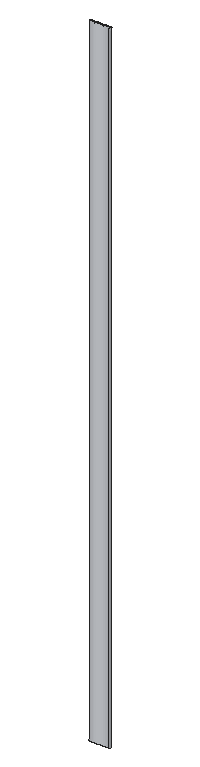
Revit family
Parameters (values of type "20mm")
  built-in parameter 1008623 [instance] = 32.47°
  built-in parameter 1008625 [instance] = (empty or 0)
  Post = no
  지름 = 20 mm
  built-in parameter 1008624 [instance] = 32.47°
  난간동자 재료 = none
  built-in parameter 1008622 [instance] = 750 mm
Types (3, lengths in mm): name | 지름
  (no name) | 20
  25mm | 25
  20mm | 20
Reference planes
  plane 1 "중심(앞/뒤)": y = 0
  plane 2: z = 0
  plane 3 "중심(왼쪽/오른쪽)": x = 0
  plane 4 "상단": z = 750
  plane 5 "상단 절단 각도": through (0, 339.699, 533.838) normal (0, -0.5369, -0.8437)
  plane 6: z = 850
  plane 7: x = -10
  plane 8: x = 10
  plane 9: z = -100
  plane 10 "하단 절단 각도": through (0, 0, 0) normal (0, -0.5369, -0.8437)
  plane 11: y = 20
  plane 12: x = 20
  plane 13: y = -20
  plane 14: x = -20
Forms (mm)
  Extrusion 1, solid, material <- "난간동자 재료"
    sketch origin (0, 0, 0) x (1, 0, 0) y (0, 1, 0)
      loop
        circle (0, 0) r 10
    from -100 to 850
  Extrusion 2, void
    sketch origin (0, 0, 0) x (0, 1, 0) y (0, 0, 1)
      loop
        line (-20, 850) -> (-20, 762.727) -> (20, 737.273) -> (20, 850) -> (-20, 850)
      loop
        line (-20, -100) -> (20, -100) -> (20, -12.727) -> (-20, 12.727) -> (-20, -100)
    from -20 to 20
Cuts and joins
  Extrusion 2 cuts Extrusion 1
Dimensions and locks
  "built-in parameter 1008622": plane 2 to plane 4 "상단"
  locked: plane 4 "상단" to plane 6 at 100
  equal spacing: plane 7, plane 3 "중심(왼쪽/오른쪽)", plane 8
  "지름": plane 7 to plane 8
  locked: plane 9 to level at 100
  "지름": plane 14 to plane 3 "중심(왼쪽/오른쪽)"
  "지름": plane 3 "중심(왼쪽/오른쪽)" to plane 12
  "지름": plane 1 "중심(앞/뒤)" to plane 11
  "지름": plane 13 to plane 1 "중심(앞/뒤)"
  "built-in parameter 1008623": angle plane 4 "상단" to plane 5 "상단 절단 각도"
  "built-in parameter 1008624": angle level to plane 10 "하단 절단 각도"
  aligned and locked: Extrusion 1 to plane 6
  aligned and locked: plane 9 to Extrusion 1
  aligned and locked: Extrusion 2 to plane 14
  aligned and locked: Extrusion 2 to plane 12
  aligned and locked: plane 6 to Extrusion 2 sketch curve
  aligned and locked: plane 11 to Extrusion 2 sketch curve
  aligned and locked: plane 13 to Extrusion 2 sketch curve  (x2)
  aligned and locked: Extrusion 2 sketch curve to plane 5 "상단 절단 각도"
  aligned and locked: plane 9 to Extrusion 2 sketch curve
  aligned and locked: Extrusion 2 sketch curve to plane 11
  aligned and locked: Extrusion 2 sketch curve to plane 10 "하단 절단 각도"
Automatic sketch dimensions
  Extrusion 1 sketch curve to plane 7 = 0 mm
  Extrusion 1 sketch curve to plane 1 "중심(앞/뒤)" = 0 mm
  Extrusion 1 sketch curve to plane 3 "중심(왼쪽/오른쪽)" = 0 mm
